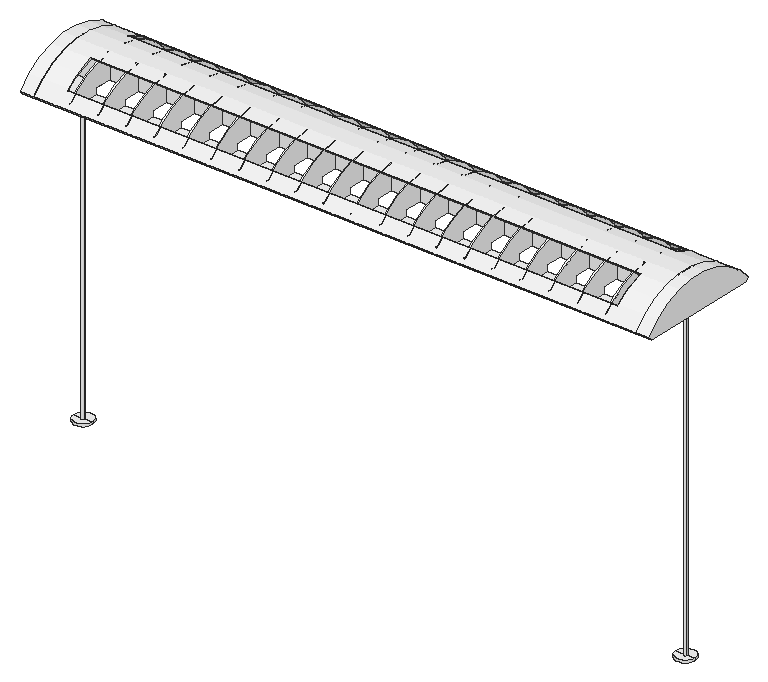
Revit family "CVSL-CM", category Lighting Fixtures, host Face, Revit 2013 (continued)
Definition of nested family "CVSL-Housing"
  Automatic sketch dimensions
    Extrusion 38 sketch curve to Extrusion 38 sketch curve = 0"  (x5)
    Extrusion 38 sketch curve to Extrusion 38 sketch curve = 0.46819"  (x4)
    Extrusion 38 sketch curve to Extrusion 38 sketch curve = 3.2295"  (x2)
    Extrusion 38 sketch curve to Extrusion 38 sketch curve = 0.74946"
    Extrusion 38 sketch curve to Extrusion 38 sketch curve = 1.49893"
    Extrusion 38 sketch curve to Extrusion 38 sketch curve = 3.68967"
    Extrusion 39 sketch curve to Extrusion 39 sketch curve = 0"  (x5)
    Extrusion 39 sketch curve to Extrusion 39 sketch curve = 0.46819"  (x4)
    Extrusion 39 sketch curve to Extrusion 39 sketch curve = 3.2295"  (x2)
    Extrusion 39 sketch curve to Extrusion 39 sketch curve = 0.74946"
    Extrusion 39 sketch curve to Extrusion 39 sketch curve = 1.49893"
    Extrusion 39 sketch curve to Extrusion 39 sketch curve = 3.68967"
    Extrusion 40 sketch curve to Extrusion 40 sketch curve = 0"  (x5)
    Extrusion 40 sketch curve to Extrusion 40 sketch curve = 0.46819"  (x4)
    Extrusion 40 sketch curve to Extrusion 40 sketch curve = 3.2295"  (x2)
    Extrusion 40 sketch curve to Extrusion 40 sketch curve = 0.74946"
    Extrusion 40 sketch curve to Extrusion 40 sketch curve = 1.49893"
    Extrusion 40 sketch curve to Extrusion 40 sketch curve = 3.68967"
    Extrusion 41 sketch curve to Extrusion 41 sketch curve = 0"  (x5)
    Extrusion 41 sketch curve to Extrusion 41 sketch curve = 0.46819"  (x4)
    Extrusion 41 sketch curve to Extrusion 41 sketch curve = 3.2295"  (x2)
    Extrusion 41 sketch curve to Extrusion 41 sketch curve = 0.74946"
    Extrusion 41 sketch curve to Extrusion 41 sketch curve = 1.49893"
    Extrusion 41 sketch curve to Extrusion 41 sketch curve = 3.68967"
    Extrusion 42 sketch curve to Extrusion 42 sketch curve = 0"  (x5)
    Extrusion 42 sketch curve to Extrusion 42 sketch curve = 0.46819"  (x4)
    Extrusion 42 sketch curve to Extrusion 42 sketch curve = 3.2295"  (x2)
    Extrusion 42 sketch curve to Extrusion 42 sketch curve = 0.74946"
    Extrusion 42 sketch curve to Extrusion 42 sketch curve = 1.49893"
    Extrusion 42 sketch curve to Extrusion 42 sketch curve = 3.68967"
    Extrusion 43 sketch curve to Extrusion 43 sketch curve = 0"  (x5)
    Extrusion 43 sketch curve to Extrusion 43 sketch curve = 0.46819"  (x4)
    Extrusion 43 sketch curve to Extrusion 43 sketch curve = 3.2295"  (x2)
    Extrusion 43 sketch curve to Extrusion 43 sketch curve = 0.74946"
    Extrusion 43 sketch curve to Extrusion 43 sketch curve = 1.49893"
    Extrusion 43 sketch curve to Extrusion 43 sketch curve = 3.68967"
    Extrusion 44 sketch curve to Extrusion 44 sketch curve = 0"  (x5)
    Extrusion 44 sketch curve to Extrusion 44 sketch curve = 0.46819"  (x4)
    Extrusion 44 sketch curve to Extrusion 44 sketch curve = 3.2295"  (x2)
    Extrusion 44 sketch curve to Extrusion 44 sketch curve = 0.74946"
    Extrusion 44 sketch curve to Extrusion 44 sketch curve = 1.49893"
    Extrusion 44 sketch curve to Extrusion 44 sketch curve = 3.68967"
    Extrusion 45 sketch curve to Extrusion 45 sketch curve = 0"  (x5)
    Extrusion 45 sketch curve to Extrusion 45 sketch curve = 0.46819"  (x4)
    Extrusion 45 sketch curve to Extrusion 45 sketch curve = 3.2295"  (x2)
    Extrusion 45 sketch curve to Extrusion 45 sketch curve = 0.74946"
    Extrusion 45 sketch curve to Extrusion 45 sketch curve = 1.49893"
    Extrusion 45 sketch curve to Extrusion 45 sketch curve = 3.68967"
    Extrusion 46 sketch curve to Extrusion 46 sketch curve = 0"  (x5)
    Extrusion 46 sketch curve to Extrusion 46 sketch curve = 0.46819"  (x4)
    Extrusion 46 sketch curve to Extrusion 46 sketch curve = 3.2295"  (x2)
    Extrusion 46 sketch curve to Extrusion 46 sketch curve = 0.74946"
    Extrusion 46 sketch curve to Extrusion 46 sketch curve = 1.49893"
    Extrusion 46 sketch curve to Extrusion 46 sketch curve = 3.68967"
    Extrusion 47 sketch curve to Extrusion 47 sketch curve = 0"  (x5)
    Extrusion 47 sketch curve to Extrusion 47 sketch curve = 0.46819"  (x4)
    Extrusion 47 sketch curve to Extrusion 47 sketch curve = 3.2295"  (x2)
    Extrusion 47 sketch curve to Extrusion 47 sketch curve = 0.74946"
    Extrusion 47 sketch curve to Extrusion 47 sketch curve = 1.49893"
    Extrusion 47 sketch curve to Extrusion 47 sketch curve = 3.68967"
    Extrusion 7 sketch curve to plane 10 = 0.09709"
    plane 1 "Center (Front/Back)" to Extrusion 48 sketch curve = 2"
Types (7): name | Watts | Wattage | Photometric Web File | built-in parameter 1150105 | Lumens | Lamp Type | built-in parameter 1150106 | built-in parameter 1150104 | Distribution | Apparent Load
  (no name) | 62 W | 62 W | "CVSL-4T8-50 50-E.ies" | 234.75 (stored number, unit not read) | 2949.96 lm | "Two T8 Lamp" | 2.3475 (stored number, unit not read) | 4.4203 (stored number, unit not read) | "50% Uplight, 50% Downlight" | 62 VA
  CVSL-4T8-50/50-E | 118 W | 118 W | "CVSL-4T8-50 50-E.ies" | 234.75 (stored number, unit not read) | 2950 lm | "Four T8 Lamps" | 2.3475 (stored number, unit not read) | 2.3226 (stored number, unit not read) | "50% Uplight, 50% Downlight" | 118 VA
  CVSL-3T5-70/30-EP | 183 W | 183 W | "CVSL-3T5-70 30-EP.ies" | 354.02 (stored number, unit not read) | 4448.73 lm | "Three T5 Lamps" | 3.5402 (stored number, unit not read) | 2.2585 (stored number, unit not read) | "70% Uplight, 30% Downlight" | 183 VA
  CVSL-2T5-40/60-EP | 116 W | 116 W | "CVSL-2T5-40 60-EP.ies" | 354.1 (stored number, unit not read) | 4449.76 lm | "Two T5 Lamps" | 3.541 (stored number, unit not read) | 3.5638 (stored number, unit not read) | "40% Uplight, 60% Downlight" | 116 VA
  CVSL-3T8-50/50-E | 89 W | 89 W | "CVSL-3T8-50 50-E.ies" | 833.81 (stored number, unit not read) | 2949.46 lm | "Three T8 Lamps" | 8.3381 (stored number, unit not read) | 3.0788 (stored number, unit not read) | "50% Uplight, 50% Downlight" | 89 VA
  CVSL-4T5-40/60-EP | 232 W | 232 W | "CVSL-4T5-40 60-EP.ies" | 354.1 (stored number, unit not read) | 4449.76 lm | "Four T5 Lamps" | 3.541 (stored number, unit not read) | 1.7819 (stored number, unit not read) | "40% Uplight, 60% Downlight" | 232 VA
  CVSL-2T8-50/50-E | 62 W | 62 W | "CVSL-4T8-50 50-E.ies" | 234.75 (stored number, unit not read) | 2949.96 lm | "Two T8 Lamp" | 2.3475 (stored number, unit not read) | 4.4203 (stored number, unit not read) | "50% Uplight, 50% Downlight" | 62 VA
